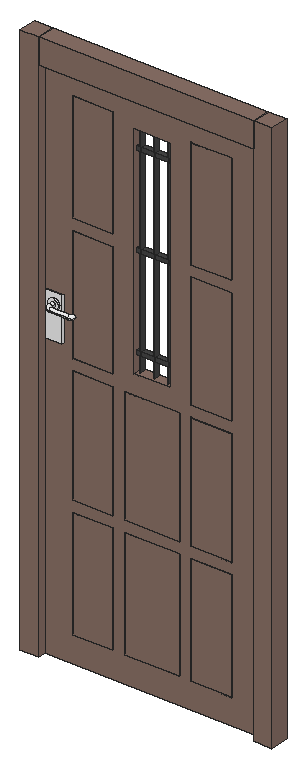
Revit family "DTI_A3-BSQTZMSOHS", category Doors, host Wall, Revit 2016 (continued)
Lines and regions (mm)
  model lines, style "Embossed carving"
    curve 2478: arc (-247.872, 35, 598.119) -> (-250.918, 35, 597.324) -> (-252.426, 35, 594.561) r 3.966
    curve 2479: arc (-252.426, 35, 594.561) -> (-250.105, 35, 592.305) -> (-247.022, 35, 591.314) r 7.098
    curve 2480: arc (-247.022, 35, 591.314) -> (-249.326, 35, 589.531) -> (-251.109, 35, 587.227) r 11.531
    curve 2481: arc (-251.109, 35, 587.227) -> (-244.279, 35, 589.413) -> (-237.449, 35, 587.227) r 11.764
    curve 2482: arc (-237.449, 35, 587.227) -> (-234.928, 35, 590.348) -> (-231.136, 35, 589.038) r 3.491
    curve 2483: arc (-231.136, 35, 589.038) -> (-231.82, 35, 587.733) -> (-231.88, 35, 586.26) r 3.36
    curve 2484: arc (-231.88, 35, 586.26) -> (-229.476, 35, 585.959) -> (-228.013, 35, 584.028) r 3.118
    curve 2485: arc (-228.013, 35, 584.028) -> (-227.651, 35, 585.121) -> (-226.973, 35, 586.053) r 3.748
    curve 2486: arc (-226.973, -5, 1445.867) -> (-226.296, -5, 1446.799) -> (-225.934, -5, 1447.892) r 3.748
    curve 2487: arc (-225.934, -5, 1447.892) -> (-224.471, -5, 1445.961) -> (-222.066, -5, 1445.66) r 3.118
    curve 2488: arc (-222.066, -5, 1445.66) -> (-222.126, -5, 1444.187) -> (-222.81, -5, 1442.883) r 3.36
    curve 2489: arc (-222.81, -5, 1442.883) -> (-219.019, -5, 1441.572) -> (-216.497, -5, 1444.693) r 3.491
    curve 2490: arc (-216.497, -5, 1444.693) -> (-209.668, -5, 1442.507) -> (-202.838, -5, 1444.693) r 11.764
    curve 2491: arc (-202.838, -5, 1444.693) -> (-204.621, -5, 1442.389) -> (-206.924, -5, 1440.606) r 11.531
    curve 2492: arc (-206.924, -5, 1440.606) -> (-203.842, -5, 1439.616) -> (-201.52, -5, 1437.359) r 7.098
    curve 2493: arc (-201.52, -5, 1437.359) -> (-203.028, -5, 1434.596) -> (-206.074, -5, 1433.801) r 3.966
    curve 2494: arc (-206.074, -5, 1433.801) -> (-201.77, -5, 1424.885) -> (-199.336, -5, 1415.288) r 49.267
    curve 2495: arc (-199.336, -5, 1415.288) -> (-201.095, -5, 1405.067) -> (-208.585, -5, 1397.892) r 16.574
    curve 2496: arc (-208.585, -5, 1397.892) -> (-201.095, -5, 1390.718) -> (-199.336, -5, 1380.497) r 16.574
    curve 2497: arc (-199.336, -5, 1380.497) -> (-201.77, -5, 1370.9) -> (-206.074, -5, 1361.984) r 49.267
    curve 2498: arc (-206.074, -5, 1361.984) -> (-203.028, -5, 1361.189) -> (-201.52, -5, 1358.426) r 3.966
    curve 2499: arc (-201.52, -5, 1358.426) -> (-203.842, -5, 1356.169) -> (-206.924, -5, 1355.179) r 7.098
    curve 2500: arc (-206.924, -5, 1355.179) -> (-204.621, -5, 1353.396) -> (-202.838, -5, 1351.092) r 11.531
    curve 2501: arc (-202.838, -5, 1351.092) -> (-209.668, -5, 1353.278) -> (-216.497, -5, 1351.092) r 11.764
    curve 2502: arc (-216.497, -5, 1351.092) -> (-219.019, -5, 1354.213) -> (-222.81, -5, 1352.902) r 3.491
    curve 2503: arc (-222.81, -5, 1352.902) -> (-222.126, -5, 1351.597) -> (-222.066, -5, 1350.125) r 3.36
    curve 2504: arc (-222.066, -5, 1350.125) -> (-224.471, -5, 1349.824) -> (-225.934, -5, 1347.892) r 3.118
    curve 2505: arc (-225.934, -5, 1347.892) -> (-226.296, -5, 1348.986) -> (-226.973, -5, 1349.918) r 3.748
    curve 2506: arc (-226.973, -5, 1445.867) -> (-227.651, -5, 1446.799) -> (-228.013, -5, 1447.892) r 3.748
    curve 2507: arc (-228.013, -5, 1447.892) -> (-229.476, -5, 1445.961) -> (-231.88, -5, 1445.66) r 3.118
    curve 2508: arc (-231.88, -5, 1445.66) -> (-231.82, -5, 1444.187) -> (-231.136, -5, 1442.883) r 3.36
    curve 2509: arc (-231.136, -5, 1442.883) -> (-234.928, -5, 1441.572) -> (-237.449, -5, 1444.693) r 3.491
    curve 2510: arc (-237.449, -5, 1444.693) -> (-244.279, -5, 1442.507) -> (-251.109, -5, 1444.693) r 11.764
    curve 2511: arc (-251.109, -5, 1444.693) -> (-249.326, -5, 1442.389) -> (-247.022, -5, 1440.606) r 11.531
    curve 2512: arc (-247.022, -5, 1440.606) -> (-250.105, -5, 1439.616) -> (-252.426, -5, 1437.359) r 7.098
    curve 2513: arc (-252.426, -5, 1437.359) -> (-250.918, -5, 1434.596) -> (-247.872, -5, 1433.801) r 3.966
    curve 2514: arc (-247.872, -5, 1433.801) -> (-252.176, -5, 1424.885) -> (-254.611, -5, 1415.288) r 49.267
    curve 2515: arc (-254.611, -5, 1415.288) -> (-252.851, -5, 1405.067) -> (-245.361, -5, 1397.892) r 16.574
    curve 2516: arc (-245.361, -5, 1397.892) -> (-252.851, -5, 1390.718) -> (-254.611, -5, 1380.497) r 16.574
    curve 2517: arc (-254.611, -5, 1380.497) -> (-252.176, -5, 1370.9) -> (-247.872, -5, 1361.984) r 49.267
    curve 2518: arc (-247.872, -5, 1361.984) -> (-250.918, -5, 1361.189) -> (-252.426, -5, 1358.426) r 3.966
    curve 2519: arc (-252.426, -5, 1358.426) -> (-250.105, -5, 1356.169) -> (-247.022, -5, 1355.179) r 7.098
    curve 2520: arc (-247.022, -5, 1355.179) -> (-249.326, -5, 1353.396) -> (-251.109, -5, 1351.092) r 11.531
    curve 2521: arc (-251.109, -5, 1351.092) -> (-244.279, -5, 1353.278) -> (-237.449, -5, 1351.092) r 11.764
    curve 2522: arc (-237.449, -5, 1351.092) -> (-234.928, -5, 1354.213) -> (-231.136, -5, 1352.902) r 3.491
    curve 2523: arc (-231.136, -5, 1352.902) -> (-231.82, -5, 1351.597) -> (-231.88, -5, 1350.125) r 3.36
    curve 2524: arc (-231.88, -5, 1350.125) -> (-229.476, -5, 1349.824) -> (-228.013, -5, 1347.892) r 3.118
    curve 2525: arc (-228.013, -5, 1347.892) -> (-227.651, -5, 1348.986) -> (-226.973, -5, 1349.918) r 3.748
    curve 2526: arc (-226.973, 35, 1442.002) -> (-226.296, 35, 1442.934) -> (-225.934, 35, 1444.028) r 3.748
    curve 2527: arc (-225.934, 35, 1444.028) -> (-224.471, 35, 1442.096) -> (-222.066, 35, 1441.795) r 3.118
    curve 2528: arc (-222.066, 35, 1441.795) -> (-222.126, 35, 1440.323) -> (-222.81, 35, 1439.018) r 3.36
    curve 2529: arc (-222.81, 35, 1439.018) -> (-219.019, 35, 1437.707) -> (-216.497, 35, 1440.828) r 3.491
    curve 2530: arc (-216.497, 35, 1440.828) -> (-209.668, 35, 1438.642) -> (-202.838, 35, 1440.828) r 11.764
    curve 2531: arc (-202.838, 35, 1440.828) -> (-204.621, 35, 1438.524) -> (-206.924, 35, 1436.741) r 11.531
    curve 2532: arc (-206.924, 35, 1436.741) -> (-203.842, 35, 1435.751) -> (-201.52, 35, 1433.494) r 7.098
    curve 2533: arc (-201.52, 35, 1433.494) -> (-203.028, 35, 1430.731) -> (-206.074, 35, 1429.936) r 3.966
    curve 2534: arc (-206.074, 35, 1429.936) -> (-201.77, 35, 1421.02) -> (-199.336, 35, 1411.423) r 49.267
    curve 2535: arc (-199.336, 35, 1411.423) -> (-201.095, 35, 1401.202) -> (-208.585, 35, 1394.028) r 16.574
    curve 2536: arc (-208.585, 35, 1394.028) -> (-201.095, 35, 1386.853) -> (-199.336, 35, 1376.632) r 16.574
    curve 2537: arc (-199.336, 35, 1376.632) -> (-201.77, 35, 1367.035) -> (-206.074, 35, 1358.119) r 49.267
    curve 2538: arc (-206.074, 35, 1358.119) -> (-203.028, 35, 1357.324) -> (-201.52, 35, 1354.561) r 3.966
    curve 2539: arc (-201.52, 35, 1354.561) -> (-203.842, 35, 1352.305) -> (-206.924, 35, 1351.314) r 7.098
    curve 2540: arc (-206.924, 35, 1351.314) -> (-204.621, 35, 1349.531) -> (-202.838, 35, 1347.227) r 11.531
    curve 2541: arc (-202.838, 35, 1347.227) -> (-209.668, 35, 1349.413) -> (-216.497, 35, 1347.227) r 11.764
    curve 2542: arc (-216.497, 35, 1347.227) -> (-219.019, 35, 1350.348) -> (-222.81, 35, 1349.038) r 3.491
    curve 2543: arc (-222.81, 35, 1349.038) -> (-222.126, 35, 1347.733) -> (-222.066, 35, 1346.26) r 3.36
    curve 2544: arc (-222.066, 35, 1346.26) -> (-224.471, 35, 1345.959) -> (-225.934, 35, 1344.028) r 3.118
    curve 2545: arc (-225.934, 35, 1344.028) -> (-226.296, 35, 1345.121) -> (-226.973, 35, 1346.053) r 3.748
    curve 2546: arc (-226.973, 35, 1442.002) -> (-227.651, 35, 1442.934) -> (-228.013, 35, 1444.028) r 3.748
    curve 2547: arc (-228.013, 35, 1444.028) -> (-229.476, 35, 1442.096) -> (-231.88, 35, 1441.795) r 3.118
    curve 2548: arc (-231.88, 35, 1441.795) -> (-231.82, 35, 1440.323) -> (-231.136, 35, 1439.018) r 3.36
    curve 2549: arc (-231.136, 35, 1439.018) -> (-234.928, 35, 1437.707) -> (-237.449, 35, 1440.828) r 3.491
    curve 2550: arc (-237.449, 35, 1440.828) -> (-244.279, 35, 1438.642) -> (-251.109, 35, 1440.828) r 11.764
    curve 2551: arc (-251.109, 35, 1440.828) -> (-249.326, 35, 1438.524) -> (-247.022, 35, 1436.741) r 11.531
    curve 2552: arc (-247.022, 35, 1436.741) -> (-250.105, 35, 1435.751) -> (-252.426, 35, 1433.494) r 7.098
    curve 2553: arc (-252.426, 35, 1433.494) -> (-250.918, 35, 1430.731) -> (-247.872, 35, 1429.936) r 3.966
    curve 2554: arc (-247.872, 35, 1429.936) -> (-252.176, 35, 1421.02) -> (-254.611, 35, 1411.423) r 49.267
    curve 2555: arc (-254.611, 35, 1411.423) -> (-252.851, 35, 1401.202) -> (-245.361, 35, 1394.028) r 16.574
    curve 2556: arc (-245.361, 35, 1394.028) -> (-252.851, 35, 1386.853) -> (-254.611, 35, 1376.632) r 16.574
    curve 2557: arc (-254.611, 35, 1376.632) -> (-252.176, 35, 1367.035) -> (-247.872, 35, 1358.119) r 49.267
    curve 2558: arc (-247.872, 35, 1358.119) -> (-250.918, 35, 1357.324) -> (-252.426, 35, 1354.561) r 3.966
    curve 2559: arc (-252.426, 35, 1354.561) -> (-250.105, 35, 1352.305) -> (-247.022, 35, 1351.314) r 7.098
    curve 2560: arc (-247.022, 35, 1351.314) -> (-249.326, 35, 1349.531) -> (-251.109, 35, 1347.227) r 11.531
    curve 2561: arc (-251.109, 35, 1347.227) -> (-244.279, 35, 1349.413) -> (-237.449, 35, 1347.227) r 11.764
    curve 2562: arc (-237.449, 35, 1347.227) -> (-234.928, 35, 1350.348) -> (-231.136, 35, 1349.038) r 3.491
    curve 2563: arc (-231.136, 35, 1349.038) -> (-231.82, 35, 1347.733) -> (-231.88, 35, 1346.26) r 3.36
    curve 2564: arc (-231.88, 35, 1346.26) -> (-229.476, 35, 1345.959) -> (-228.013, 35, 1344.028) r 3.118
    curve 2565: arc (-228.013, 35, 1344.028) -> (-227.651, 35, 1345.121) -> (-226.973, 35, 1346.053) r 3.748
    curve 2566: arc (-226.973, -5, 1305.867) -> (-226.296, -5, 1306.799) -> (-225.934, -5, 1307.892) r 3.748
    curve 2567: arc (-225.934, -5, 1307.892) -> (-224.471, -5, 1305.961) -> (-222.066, -5, 1305.66) r 3.118
    curve 2568: arc (-222.066, -5, 1305.66) -> (-222.126, -5, 1304.187) -> (-222.81, -5, 1302.883) r 3.36
    curve 2569: arc (-222.81, -5, 1302.883) -> (-219.019, -5, 1301.572) -> (-216.497, -5, 1304.693) r 3.491
    curve 2570: arc (-216.497, -5, 1304.693) -> (-209.668, -5, 1302.507) -> (-202.838, -5, 1304.693) r 11.764
    curve 2571: arc (-202.838, -5, 1304.693) -> (-204.621, -5, 1302.389) -> (-206.924, -5, 1300.606) r 11.531
    curve 2572: arc (-206.924, -5, 1300.606) -> (-203.842, -5, 1299.616) -> (-201.52, -5, 1297.359) r 7.098
    curve 2573: arc (-201.52, -5, 1297.359) -> (-203.028, -5, 1294.596) -> (-206.074, -5, 1293.801) r 3.966
    curve 2574: arc (-206.074, -5, 1293.801) -> (-201.77, -5, 1284.885) -> (-199.336, -5, 1275.288) r 49.267
    curve 2575: arc (-199.336, -5, 1275.288) -> (-201.095, -5, 1265.067) -> (-208.585, -5, 1257.892) r 16.574
    curve 2576: arc (-208.585, -5, 1257.892) -> (-201.095, -5, 1250.718) -> (-199.336, -5, 1240.497) r 16.574
    curve 2577: arc (-199.336, -5, 1240.497) -> (-201.77, -5, 1230.9) -> (-206.074, -5, 1221.984) r 49.267
    curve 2578: arc (-206.074, -5, 1221.984) -> (-203.028, -5, 1221.189) -> (-201.52, -5, 1218.426) r 3.966
    curve 2579: arc (-201.52, -5, 1218.426) -> (-203.842, -5, 1216.169) -> (-206.924, -5, 1215.179) r 7.098
    curve 2580: arc (-206.924, -5, 1215.179) -> (-204.621, -5, 1213.396) -> (-202.838, -5, 1211.092) r 11.531
    curve 2581: arc (-202.838, -5, 1211.092) -> (-209.668, -5, 1213.278) -> (-216.497, -5, 1211.092) r 11.764
    curve 2582: arc (-216.497, -5, 1211.092) -> (-219.019, -5, 1214.213) -> (-222.81, -5, 1212.902) r 3.491
    curve 2583: arc (-222.81, -5, 1212.902) -> (-222.126, -5, 1211.597) -> (-222.066, -5, 1210.125) r 3.36
    curve 2584: arc (-222.066, -5, 1210.125) -> (-224.471, -5, 1209.824) -> (-225.934, -5, 1207.892) r 3.118
    curve 2585: arc (-225.934, -5, 1207.892) -> (-226.296, -5, 1208.986) -> (-226.973, -5, 1209.918) r 3.748
    curve 2586: arc (-226.973, -5, 1305.867) -> (-227.651, -5, 1306.799) -> (-228.013, -5, 1307.892) r 3.748
    curve 2587: arc (-228.013, -5, 1307.892) -> (-229.476, -5, 1305.961) -> (-231.88, -5, 1305.66) r 3.118
    curve 2588: arc (-231.88, -5, 1305.66) -> (-231.82, -5, 1304.187) -> (-231.136, -5, 1302.883) r 3.36
    curve 2589: arc (-231.136, -5, 1302.883) -> (-234.928, -5, 1301.572) -> (-237.449, -5, 1304.693) r 3.491
    curve 2590: arc (-237.449, -5, 1304.693) -> (-244.279, -5, 1302.507) -> (-251.109, -5, 1304.693) r 11.764
    curve 2591: arc (-251.109, -5, 1304.693) -> (-249.326, -5, 1302.389) -> (-247.022, -5, 1300.606) r 11.531
    curve 2592: arc (-247.022, -5, 1300.606) -> (-250.105, -5, 1299.616) -> (-252.426, -5, 1297.359) r 7.098
    curve 2593: arc (-252.426, -5, 1297.359) -> (-250.918, -5, 1294.596) -> (-247.872, -5, 1293.801) r 3.966
    curve 2594: arc (-247.872, -5, 1293.801) -> (-252.176, -5, 1284.885) -> (-254.611, -5, 1275.288) r 49.267
    curve 2595: arc (-254.611, -5, 1275.288) -> (-252.851, -5, 1265.067) -> (-245.361, -5, 1257.892) r 16.574
    curve 2596: arc (-245.361, -5, 1257.892) -> (-252.851, -5, 1250.718) -> (-254.611, -5, 1240.497) r 16.574
    curve 2597: arc (-254.611, -5, 1240.497) -> (-252.176, -5, 1230.9) -> (-247.872, -5, 1221.984) r 49.267
    curve 2598: arc (-247.872, -5, 1221.984) -> (-250.918, -5, 1221.189) -> (-252.426, -5, 1218.426) r 3.966
    curve 2599: arc (-252.426, -5, 1218.426) -> (-250.105, -5, 1216.169) -> (-247.022, -5, 1215.179) r 7.098
    curve 2600: arc (-247.022, -5, 1215.179) -> (-249.326, -5, 1213.396) -> (-251.109, -5, 1211.092) r 11.531
    curve 2601: arc (-251.109, -5, 1211.092) -> (-244.279, -5, 1213.278) -> (-237.449, -5, 1211.092) r 11.764
    curve 2602: arc (-237.449, -5, 1211.092) -> (-234.928, -5, 1214.213) -> (-231.136, -5, 1212.902) r 3.491
    curve 2603: arc (-231.136, -5, 1212.902) -> (-231.82, -5, 1211.597) -> (-231.88, -5, 1210.125) r 3.36
    curve 2604: arc (-231.88, -5, 1210.125) -> (-229.476, -5, 1209.824) -> (-228.013, -5, 1207.892) r 3.118
    curve 2605: arc (-228.013, -5, 1207.892) -> (-227.651, -5, 1208.986) -> (-226.973, -5, 1209.918) r 3.748
    curve 2606: arc (-226.973, 35, 1302.002) -> (-226.296, 35, 1302.934) -> (-225.934, 35, 1304.028) r 3.748
    curve 2607: arc (-225.934, 35, 1304.028) -> (-224.471, 35, 1302.096) -> (-222.066, 35, 1301.795) r 3.118
    curve 2608: arc (-222.066, 35, 1301.795) -> (-222.126, 35, 1300.323) -> (-222.81, 35, 1299.018) r 3.36
    curve 2609: arc (-222.81, 35, 1299.018) -> (-219.019, 35, 1297.707) -> (-216.497, 35, 1300.828) r 3.491
    curve 2610: arc (-216.497, 35, 1300.828) -> (-209.668, 35, 1298.642) -> (-202.838, 35, 1300.828) r 11.764
    curve 2611: arc (-202.838, 35, 1300.828) -> (-204.621, 35, 1298.524) -> (-206.924, 35, 1296.741) r 11.531
    curve 2612: arc (-206.924, 35, 1296.741) -> (-203.842, 35, 1295.751) -> (-201.52, 35, 1293.494) r 7.098
    curve 2613: arc (-201.52, 35, 1293.494) -> (-203.028, 35, 1290.731) -> (-206.074, 35, 1289.936) r 3.966
    curve 2614: arc (-206.074, 35, 1289.936) -> (-201.77, 35, 1281.02) -> (-199.336, 35, 1271.423) r 49.267
    curve 2615: arc (-199.336, 35, 1271.423) -> (-201.095, 35, 1261.202) -> (-208.585, 35, 1254.028) r 16.574
    curve 2616: arc (-208.585, 35, 1254.028) -> (-201.095, 35, 1246.853) -> (-199.336, 35, 1236.632) r 16.574
    curve 2617: arc (-199.336, 35, 1236.632) -> (-201.77, 35, 1227.035) -> (-206.074, 35, 1218.119) r 49.267
    curve 2618: arc (-206.074, 35, 1218.119) -> (-203.028, 35, 1217.324) -> (-201.52, 35, 1214.561) r 3.966
    curve 2619: arc (-201.52, 35, 1214.561) -> (-203.842, 35, 1212.305) -> (-206.924, 35, 1211.314) r 7.098
    curve 2620: arc (-206.924, 35, 1211.314) -> (-204.621, 35, 1209.531) -> (-202.838, 35, 1207.227) r 11.531
    curve 2621: arc (-202.838, 35, 1207.227) -> (-209.668, 35, 1209.413) -> (-216.497, 35, 1207.227) r 11.764
    curve 2622: arc (-216.497, 35, 1207.227) -> (-219.019, 35, 1210.348) -> (-222.81, 35, 1209.038) r 3.491
    curve 2623: arc (-222.81, 35, 1209.038) -> (-222.126, 35, 1207.733) -> (-222.066, 35, 1206.26) r 3.36
    curve 2624: arc (-222.066, 35, 1206.26) -> (-224.471, 35, 1205.959) -> (-225.934, 35, 1204.028) r 3.118
    curve 2625: arc (-225.934, 35, 1204.028) -> (-226.296, 35, 1205.121) -> (-226.973, 35, 1206.053) r 3.748
    curve 2626: arc (-226.973, 35, 1302.002) -> (-227.651, 35, 1302.934) -> (-228.013, 35, 1304.028) r 3.748
    curve 2627: arc (-228.013, 35, 1304.028) -> (-229.476, 35, 1302.096) -> (-231.88, 35, 1301.795) r 3.118
    curve 2628: arc (-231.88, 35, 1301.795) -> (-231.82, 35, 1300.323) -> (-231.136, 35, 1299.018) r 3.36
    curve 2629: arc (-231.136, 35, 1299.018) -> (-234.928, 35, 1297.707) -> (-237.449, 35, 1300.828) r 3.491
    curve 2630: arc (-237.449, 35, 1300.828) -> (-244.279, 35, 1298.642) -> (-251.109, 35, 1300.828) r 11.764
    curve 2631: arc (-251.109, 35, 1300.828) -> (-249.326, 35, 1298.524) -> (-247.022, 35, 1296.741) r 11.531
    curve 2632: arc (-247.022, 35, 1296.741) -> (-250.105, 35, 1295.751) -> (-252.426, 35, 1293.494) r 7.098
    curve 2633: arc (-252.426, 35, 1293.494) -> (-250.918, 35, 1290.731) -> (-247.872, 35, 1289.936) r 3.966
    curve 2634: arc (-247.872, 35, 1289.936) -> (-252.176, 35, 1281.02) -> (-254.611, 35, 1271.423) r 49.267
    curve 2635: arc (-254.611, 35, 1271.423) -> (-252.851, 35, 1261.202) -> (-245.361, 35, 1254.028) r 16.574
    curve 2636: arc (-245.361, 35, 1254.028) -> (-252.851, 35, 1246.853) -> (-254.611, 35, 1236.632) r 16.574
    curve 2637: arc (-254.611, 35, 1236.632) -> (-252.176, 35, 1227.035) -> (-247.872, 35, 1218.119) r 49.267
    curve 2638: arc (-247.872, 35, 1218.119) -> (-250.918, 35, 1217.324) -> (-252.426, 35, 1214.561) r 3.966
    curve 2639: arc (-252.426, 35, 1214.561) -> (-250.105, 35, 1212.305) -> (-247.022, 35, 1211.314) r 7.098
    curve 2640: arc (-247.022, 35, 1211.314) -> (-249.326, 35, 1209.531) -> (-251.109, 35, 1207.227) r 11.531
    curve 2641: arc (-251.109, 35, 1207.227) -> (-244.279, 35, 1209.413) -> (-237.449, 35, 1207.227) r 11.764
    curve 2642: arc (-237.449, 35, 1207.227) -> (-234.928, 35, 1210.348) -> (-231.136, 35, 1209.038) r 3.491
    curve 2643: arc (-231.136, 35, 1209.038) -> (-231.82, 35, 1207.733) -> (-231.88, 35, 1206.26) r 3.36
    curve 2644: arc (-231.88, 35, 1206.26) -> (-229.476, 35, 1205.959) -> (-228.013, 35, 1204.028) r 3.118
    curve 2645: arc (-228.013, 35, 1204.028) -> (-227.651, 35, 1205.121) -> (-226.973, 35, 1206.053) r 3.748
    curve 2646: arc (-226.973, -5, 1160.867) -> (-226.296, -5, 1161.799) -> (-225.934, -5, 1162.892) r 3.748
    curve 2647: arc (-225.934, -5, 1162.892) -> (-224.471, -5, 1160.961) -> (-222.066, -5, 1160.66) r 3.118
    curve 2648: arc (-222.066, -5, 1160.66) -> (-222.126, -5, 1159.187) -> (-222.81, -5, 1157.883) r 3.36
    curve 2649: arc (-222.81, -5, 1157.883) -> (-219.019, -5, 1156.572) -> (-216.497, -5, 1159.693) r 3.491
    curve 2650: arc (-216.497, -5, 1159.693) -> (-209.668, -5, 1157.507) -> (-202.838, -5, 1159.693) r 11.764
    curve 2651: arc (-202.838, -5, 1159.693) -> (-204.621, -5, 1157.389) -> (-206.924, -5, 1155.606) r 11.531
    curve 2652: arc (-206.924, -5, 1155.606) -> (-203.842, -5, 1154.616) -> (-201.52, -5, 1152.359) r 7.098
    curve 2653: arc (-201.52, -5, 1152.359) -> (-203.028, -5, 1149.596) -> (-206.074, -5, 1148.801) r 3.966
    curve 2654: arc (-206.074, -5, 1148.801) -> (-201.77, -5, 1139.885) -> (-199.336, -5, 1130.288) r 49.267
    curve 2655: arc (-199.336, -5, 1130.288) -> (-201.095, -5, 1120.067) -> (-208.585, -5, 1112.892) r 16.574
    curve 2656: arc (-208.585, -5, 1112.892) -> (-201.095, -5, 1105.718) -> (-199.336, -5, 1095.497) r 16.574
    curve 2657: arc (-199.336, -5, 1095.497) -> (-201.77, -5, 1085.9) -> (-206.074, -5, 1076.984) r 49.267
    curve 2658: arc (-206.074, -5, 1076.984) -> (-203.028, -5, 1076.189) -> (-201.52, -5, 1073.426) r 3.966
    curve 2659: arc (-201.52, -5, 1073.426) -> (-203.842, -5, 1071.169) -> (-206.924, -5, 1070.179) r 7.098
    curve 2660: arc (-206.924, -5, 1070.179) -> (-204.621, -5, 1068.396) -> (-202.838, -5, 1066.092) r 11.531
    curve 2661: arc (-202.838, -5, 1066.092) -> (-209.668, -5, 1068.278) -> (-216.497, -5, 1066.092) r 11.764
    curve 2662: arc (-216.497, -5, 1066.092) -> (-219.019, -5, 1069.213) -> (-222.81, -5, 1067.902) r 3.491
    curve 2663: arc (-222.81, -5, 1067.902) -> (-222.126, -5, 1066.597) -> (-222.066, -5, 1065.125) r 3.36
    curve 2664: arc (-222.066, -5, 1065.125) -> (-224.471, -5, 1064.824) -> (-225.934, -5, 1062.892) r 3.118
    curve 2665: arc (-225.934, -5, 1062.892) -> (-226.296, -5, 1063.986) -> (-226.973, -5, 1064.918) r 3.748
    curve 2666: arc (-226.973, -5, 1160.867) -> (-227.651, -5, 1161.799) -> (-228.013, -5, 1162.892) r 3.748
    curve 2667: arc (-228.013, -5, 1162.892) -> (-229.476, -5, 1160.961) -> (-231.88, -5, 1160.66) r 3.118
    curve 2668: arc (-231.88, -5, 1160.66) -> (-231.82, -5, 1159.187) -> (-231.136, -5, 1157.883) r 3.36
    curve 2669: arc (-231.136, -5, 1157.883) -> (-234.928, -5, 1156.572) -> (-237.449, -5, 1159.693) r 3.491
    curve 2670: arc (-237.449, -5, 1159.693) -> (-244.279, -5, 1157.507) -> (-251.109, -5, 1159.693) r 11.764
    curve 2671: arc (-251.109, -5, 1159.693) -> (-249.326, -5, 1157.389) -> (-247.022, -5, 1155.606) r 11.531
    curve 2672: arc (-247.022, -5, 1155.606) -> (-250.105, -5, 1154.616) -> (-252.426, -5, 1152.359) r 7.098
    curve 2673: arc (-252.426, -5, 1152.359) -> (-250.918, -5, 1149.596) -> (-247.872, -5, 1148.801) r 3.966
    curve 2674: arc (-247.872, -5, 1148.801) -> (-252.176, -5, 1139.885) -> (-254.611, -5, 1130.288) r 49.267
    curve 2675: arc (-254.611, -5, 1130.288) -> (-252.851, -5, 1120.067) -> (-245.361, -5, 1112.892) r 16.574
    curve 2676: arc (-245.361, -5, 1112.892) -> (-252.851, -5, 1105.718) -> (-254.611, -5, 1095.497) r 16.574
    curve 2677: arc (-254.611, -5, 1095.497) -> (-252.176, -5, 1085.9) -> (-247.872, -5, 1076.984) r 49.267
    curve 2678: arc (-247.872, -5, 1076.984) -> (-250.918, -5, 1076.189) -> (-252.426, -5, 1073.426) r 3.966
    curve 2679: arc (-252.426, -5, 1073.426) -> (-250.105, -5, 1071.169) -> (-247.022, -5, 1070.179) r 7.098
    curve 2680: arc (-247.022, -5, 1070.179) -> (-249.326, -5, 1068.396) -> (-251.109, -5, 1066.092) r 11.531
    curve 2681: arc (-251.109, -5, 1066.092) -> (-244.279, -5, 1068.278) -> (-237.449, -5, 1066.092) r 11.764
    curve 2682: arc (-237.449, -5, 1066.092) -> (-234.928, -5, 1069.213) -> (-231.136, -5, 1067.902) r 3.491
    curve 2683: arc (-231.136, -5, 1067.902) -> (-231.82, -5, 1066.597) -> (-231.88, -5, 1065.125) r 3.36
    curve 2684: arc (-231.88, -5, 1065.125) -> (-229.476, -5, 1064.824) -> (-228.013, -5, 1062.892) r 3.118
    curve 2685: arc (-228.013, -5, 1062.892) -> (-227.651, -5, 1063.986) -> (-226.973, -5, 1064.918) r 3.748
    curve 2686: arc (-226.973, 35, 1157.002) -> (-226.296, 35, 1157.934) -> (-225.934, 35, 1159.028) r 3.748
    curve 2687: arc (-225.934, 35, 1159.028) -> (-224.471, 35, 1157.096) -> (-222.066, 35, 1156.795) r 3.118
    curve 2688: arc (-222.066, 35, 1156.795) -> (-222.126, 35, 1155.323) -> (-222.81, 35, 1154.018) r 3.36
    curve 2689: arc (-222.81, 35, 1154.018) -> (-219.019, 35, 1152.707) -> (-216.497, 35, 1155.828) r 3.491
    curve 2690: arc (-216.497, 35, 1155.828) -> (-209.668, 35, 1153.642) -> (-202.838, 35, 1155.828) r 11.764
    curve 2691: arc (-202.838, 35, 1155.828) -> (-204.621, 35, 1153.524) -> (-206.924, 35, 1151.741) r 11.531
    curve 2692: arc (-206.924, 35, 1151.741) -> (-203.842, 35, 1150.751) -> (-201.52, 35, 1148.494) r 7.098
    curve 2693: arc (-201.52, 35, 1148.494) -> (-203.028, 35, 1145.731) -> (-206.074, 35, 1144.936) r 3.966
    curve 2694: arc (-206.074, 35, 1144.936) -> (-201.77, 35, 1136.02) -> (-199.336, 35, 1126.423) r 49.267
    curve 2695: arc (-199.336, 35, 1126.423) -> (-201.095, 35, 1116.202) -> (-208.585, 35, 1109.028) r 16.574
    curve 2696: arc (-208.585, 35, 1109.028) -> (-201.095, 35, 1101.853) -> (-199.336, 35, 1091.632) r 16.574
    curve 2697: arc (-199.336, 35, 1091.632) -> (-201.77, 35, 1082.035) -> (-206.074, 35, 1073.119) r 49.267
    curve 2698: arc (-206.074, 35, 1073.119) -> (-203.028, 35, 1072.324) -> (-201.52, 35, 1069.561) r 3.966
    curve 2699: arc (-201.52, 35, 1069.561) -> (-203.842, 35, 1067.305) -> (-206.924, 35, 1066.314) r 7.098
    curve 2700: arc (-206.924, 35, 1066.314) -> (-204.621, 35, 1064.531) -> (-202.838, 35, 1062.227) r 11.531
    curve 2701: arc (-202.838, 35, 1062.227) -> (-209.668, 35, 1064.413) -> (-216.497, 35, 1062.227) r 11.764
    curve 2702: arc (-216.497, 35, 1062.227) -> (-219.019, 35, 1065.348) -> (-222.81, 35, 1064.038) r 3.491
    curve 2703: arc (-222.81, 35, 1064.038) -> (-222.126, 35, 1062.733) -> (-222.066, 35, 1061.26) r 3.36
    curve 2704: arc (-222.066, 35, 1061.26) -> (-224.471, 35, 1060.959) -> (-225.934, 35, 1059.028) r 3.118
    curve 2705: arc (-225.934, 35, 1059.028) -> (-226.296, 35, 1060.121) -> (-226.973, 35, 1061.053) r 3.748
    curve 2706: arc (-226.973, 35, 1157.002) -> (-227.651, 35, 1157.934) -> (-228.013, 35, 1159.028) r 3.748
    curve 2707: arc (-228.013, 35, 1159.028) -> (-229.476, 35, 1157.096) -> (-231.88, 35, 1156.795) r 3.118
    curve 2708: arc (-231.88, 35, 1156.795) -> (-231.82, 35, 1155.323) -> (-231.136, 35, 1154.018) r 3.36
    curve 2709: arc (-231.136, 35, 1154.018) -> (-234.928, 35, 1152.707) -> (-237.449, 35, 1155.828) r 3.491
    curve 2710: arc (-237.449, 35, 1155.828) -> (-244.279, 35, 1153.642) -> (-251.109, 35, 1155.828) r 11.764
    curve 2711: arc (-251.109, 35, 1155.828) -> (-249.326, 35, 1153.524) -> (-247.022, 35, 1151.741) r 11.531
    curve 2712: arc (-247.022, 35, 1151.741) -> (-250.105, 35, 1150.751) -> (-252.426, 35, 1148.494) r 7.098
    curve 2713: arc (-252.426, 35, 1148.494) -> (-250.918, 35, 1145.731) -> (-247.872, 35, 1144.936) r 3.966
    curve 2714: arc (-247.872, 35, 1144.936) -> (-252.176, 35, 1136.02) -> (-254.611, 35, 1126.423) r 49.267
    curve 2715: arc (-254.611, 35, 1126.423) -> (-252.851, 35, 1116.202) -> (-245.361, 35, 1109.028) r 16.574
    curve 2716: arc (-245.361, 35, 1109.028) -> (-252.851, 35, 1101.853) -> (-254.611, 35, 1091.632) r 16.574
    curve 2717: arc (-254.611, 35, 1091.632) -> (-252.176, 35, 1082.035) -> (-247.872, 35, 1073.119) r 49.267
    curve 2718: arc (-247.872, 35, 1073.119) -> (-250.918, 35, 1072.324) -> (-252.426, 35, 1069.561) r 3.966
    curve 2719: arc (-252.426, 35, 1069.561) -> (-250.105, 35, 1067.305) -> (-247.022, 35, 1066.314) r 7.098
    curve 2720: arc (-247.022, 35, 1066.314) -> (-249.326, 35, 1064.531) -> (-251.109, 35, 1062.227) r 11.531
    curve 2721: arc (-251.109, 35, 1062.227) -> (-244.279, 35, 1064.413) -> (-237.449, 35, 1062.227) r 11.764
    curve 2722: arc (-237.449, 35, 1062.227) -> (-234.928, 35, 1065.348) -> (-231.136, 35, 1064.038) r 3.491
    curve 2723: arc (-231.136, 35, 1064.038) -> (-231.82, 35, 1062.733) -> (-231.88, 35, 1061.26) r 3.36
    curve 2724: arc (-231.88, 35, 1061.26) -> (-229.476, 35, 1060.959) -> (-228.013, 35, 1059.028) r 3.118
    curve 2725: arc (-228.013, 35, 1059.028) -> (-227.651, 35, 1060.121) -> (-226.973, 35, 1061.053) r 3.748
    curve 2726: arc (-226.973, -5, 1910.867) -> (-226.296, -5, 1911.799) -> (-225.934, -5, 1912.892) r 3.748
    curve 2727: arc (-225.934, -5, 1912.892) -> (-224.471, -5, 1910.961) -> (-222.066, -5, 1910.66) r 3.118
    curve 2728: arc (-222.066, -5, 1910.66) -> (-222.126, -5, 1909.187) -> (-222.81, -5, 1907.883) r 3.36
    curve 2729: arc (-222.81, -5, 1907.883) -> (-219.019, -5, 1906.572) -> (-216.497, -5, 1909.693) r 3.491
    curve 2730: arc (-216.497, -5, 1909.693) -> (-209.668, -5, 1907.507) -> (-202.838, -5, 1909.693) r 11.764
    curve 2731: arc (-202.838, -5, 1909.693) -> (-204.621, -5, 1907.389) -> (-206.924, -5, 1905.606) r 11.531
    curve 2732: arc (-206.924, -5, 1905.606) -> (-203.842, -5, 1904.616) -> (-201.52, -5, 1902.359) r 7.098
    curve 2733: arc (-201.52, -5, 1902.359) -> (-203.028, -5, 1899.596) -> (-206.074, -5, 1898.801) r 3.966
    curve 2734: arc (-206.074, -5, 1898.801) -> (-201.77, -5, 1889.885) -> (-199.336, -5, 1880.288) r 49.267
    curve 2735: arc (-199.336, -5, 1880.288) -> (-201.095, -5, 1870.067) -> (-208.585, -5, 1862.892) r 16.574
    curve 2736: arc (-208.585, -5, 1862.892) -> (-201.095, -5, 1855.718) -> (-199.336, -5, 1845.497) r 16.574
    curve 2737: arc (-199.336, -5, 1845.497) -> (-201.77, -5, 1835.9) -> (-206.074, -5, 1826.984) r 49.267
    curve 2738: arc (-206.074, -5, 1826.984) -> (-203.028, -5, 1826.189) -> (-201.52, -5, 1823.426) r 3.966
    curve 2739: arc (-201.52, -5, 1823.426) -> (-203.842, -5, 1821.169) -> (-206.924, -5, 1820.179) r 7.098
    curve 2740: arc (-206.924, -5, 1820.179) -> (-204.621, -5, 1818.396) -> (-202.838, -5, 1816.092) r 11.531
    curve 2741: arc (-202.838, -5, 1816.092) -> (-209.668, -5, 1818.278) -> (-216.497, -5, 1816.092) r 11.764
    curve 2742: arc (-216.497, -5, 1816.092) -> (-219.019, -5, 1819.213) -> (-222.81, -5, 1817.902) r 3.491
    curve 2743: arc (-222.81, -5, 1817.902) -> (-222.126, -5, 1816.597) -> (-222.066, -5, 1815.125) r 3.36
    curve 2744: arc (-222.066, -5, 1815.125) -> (-224.471, -5, 1814.824) -> (-225.934, -5, 1812.892) r 3.118
    curve 2745: arc (-225.934, -5, 1812.892) -> (-226.296, -5, 1813.986) -> (-226.973, -5, 1814.918) r 3.748
    curve 2746: arc (-226.973, -5, 1910.867) -> (-227.651, -5, 1911.799) -> (-228.013, -5, 1912.892) r 3.748
    curve 2747: arc (-228.013, -5, 1912.892) -> (-229.476, -5, 1910.961) -> (-231.88, -5, 1910.66) r 3.118
    curve 2748: arc (-231.88, -5, 1910.66) -> (-231.82, -5, 1909.187) -> (-231.136, -5, 1907.883) r 3.36
    curve 2749: arc (-231.136, -5, 1907.883) -> (-234.928, -5, 1906.572) -> (-237.449, -5, 1909.693) r 3.491
    curve 2750: arc (-237.449, -5, 1909.693) -> (-244.279, -5, 1907.507) -> (-251.109, -5, 1909.693) r 11.764
    curve 2751: arc (-251.109, -5, 1909.693) -> (-249.326, -5, 1907.389) -> (-247.022, -5, 1905.606) r 11.531
    curve 2752: arc (-247.022, -5, 1905.606) -> (-250.105, -5, 1904.616) -> (-252.426, -5, 1902.359) r 7.098
    curve 2753: arc (-252.426, -5, 1902.359) -> (-250.918, -5, 1899.596) -> (-247.872, -5, 1898.801) r 3.966
    curve 2754: arc (-247.872, -5, 1898.801) -> (-252.176, -5, 1889.885) -> (-254.611, -5, 1880.288) r 49.267
    curve 2755: arc (-254.611, -5, 1880.288) -> (-252.851, -5, 1870.067) -> (-245.361, -5, 1862.892) r 16.574
    curve 2756: arc (-245.361, -5, 1862.892) -> (-252.851, -5, 1855.718) -> (-254.611, -5, 1845.497) r 16.574
    curve 2757: arc (-254.611, -5, 1845.497) -> (-252.176, -5, 1835.9) -> (-247.872, -5, 1826.984) r 49.267
    curve 2758: arc (-247.872, -5, 1826.984) -> (-250.918, -5, 1826.189) -> (-252.426, -5, 1823.426) r 3.966
    curve 2759: arc (-252.426, -5, 1823.426) -> (-250.105, -5, 1821.169) -> (-247.022, -5, 1820.179) r 7.098
    curve 2760: arc (-247.022, -5, 1820.179) -> (-249.326, -5, 1818.396) -> (-251.109, -5, 1816.092) r 11.531
    curve 2761: arc (-251.109, -5, 1816.092) -> (-244.279, -5, 1818.278) -> (-237.449, -5, 1816.092) r 11.764
    curve 2762: arc (-237.449, -5, 1816.092) -> (-234.928, -5, 1819.213) -> (-231.136, -5, 1817.902) r 3.491
    curve 2763: arc (-231.136, -5, 1817.902) -> (-231.82, -5, 1816.597) -> (-231.88, -5, 1815.125) r 3.36
    curve 2764: arc (-231.88, -5, 1815.125) -> (-229.476, -5, 1814.824) -> (-228.013, -5, 1812.892) r 3.118
    curve 2765: arc (-228.013, -5, 1812.892) -> (-227.651, -5, 1813.986) -> (-226.973, -5, 1814.918) r 3.748
    curve 2766: arc (-226.973, 35, 1907.002) -> (-226.296, 35, 1907.934) -> (-225.934, 35, 1909.028) r 3.748
    curve 2767: arc (-225.934, 35, 1909.028) -> (-224.471, 35, 1907.096) -> (-222.066, 35, 1906.795) r 3.118
    curve 2768: arc (-222.066, 35, 1906.795) -> (-222.126, 35, 1905.323) -> (-222.81, 35, 1904.018) r 3.36
    curve 2769: arc (-222.81, 35, 1904.018) -> (-219.019, 35, 1902.707) -> (-216.497, 35, 1905.828) r 3.491
    curve 2770: arc (-216.497, 35, 1905.828) -> (-209.668, 35, 1903.642) -> (-202.838, 35, 1905.828) r 11.764
    curve 2771: arc (-202.838, 35, 1905.828) -> (-204.621, 35, 1903.524) -> (-206.924, 35, 1901.741) r 11.531
    curve 2772: arc (-206.924, 35, 1901.741) -> (-203.842, 35, 1900.751) -> (-201.52, 35, 1898.494) r 7.098
    curve 2773: arc (-201.52, 35, 1898.494) -> (-203.028, 35, 1895.731) -> (-206.074, 35, 1894.936) r 3.966
    curve 2774: arc (-206.074, 35, 1894.936) -> (-201.77, 35, 1886.02) -> (-199.336, 35, 1876.423) r 49.267
    curve 2775: arc (-199.336, 35, 1876.423) -> (-201.095, 35, 1866.202) -> (-208.585, 35, 1859.028) r 16.574
    curve 2776: arc (-208.585, 35, 1859.028) -> (-201.095, 35, 1851.853) -> (-199.336, 35, 1841.632) r 16.574
    curve 2777: arc (-199.336, 35, 1841.632) -> (-201.77, 35, 1832.035) -> (-206.074, 35, 1823.119) r 49.267
    curve 2778: arc (-206.074, 35, 1823.119) -> (-203.028, 35, 1822.324) -> (-201.52, 35, 1819.561) r 3.966
    curve 2779: arc (-201.52, 35, 1819.561) -> (-203.842, 35, 1817.305) -> (-206.924, 35, 1816.314) r 7.098
    curve 2780: arc (-206.924, 35, 1816.314) -> (-204.621, 35, 1814.531) -> (-202.838, 35, 1812.227) r 11.531
    curve 2781: arc (-202.838, 35, 1812.227) -> (-209.668, 35, 1814.413) -> (-216.497, 35, 1812.227) r 11.764
    curve 2782: arc (-216.497, 35, 1812.227) -> (-219.019, 35, 1815.348) -> (-222.81, 35, 1814.038) r 3.491
    curve 2783: arc (-222.81, 35, 1814.038) -> (-222.126, 35, 1812.733) -> (-222.066, 35, 1811.26) r 3.36
    curve 2784: arc (-222.066, 35, 1811.26) -> (-224.471, 35, 1810.959) -> (-225.934, 35, 1809.028) r 3.118
    curve 2785: arc (-225.934, 35, 1809.028) -> (-226.296, 35, 1810.121) -> (-226.973, 35, 1811.053) r 3.748
    curve 2786: arc (-226.973, 35, 1907.002) -> (-227.651, 35, 1907.934) -> (-228.013, 35, 1909.028) r 3.748
    curve 2787: arc (-228.013, 35, 1909.028) -> (-229.476, 35, 1907.096) -> (-231.88, 35, 1906.795) r 3.118
    curve 2788: arc (-231.88, 35, 1906.795) -> (-231.82, 35, 1905.323) -> (-231.136, 35, 1904.018) r 3.36
    curve 2789: arc (-231.136, 35, 1904.018) -> (-234.928, 35, 1902.707) -> (-237.449, 35, 1905.828) r 3.491
    curve 2790: arc (-237.449, 35, 1905.828) -> (-244.279, 35, 1903.642) -> (-251.109, 35, 1905.828) r 11.764
    curve 2791: arc (-251.109, 35, 1905.828) -> (-249.326, 35, 1903.524) -> (-247.022, 35, 1901.741) r 11.531
    curve 2792: arc (-247.022, 35, 1901.741) -> (-250.105, 35, 1900.751) -> (-252.426, 35, 1898.494) r 7.098
    curve 2793: arc (-252.426, 35, 1898.494) -> (-250.918, 35, 1895.731) -> (-247.872, 35, 1894.936) r 3.966
    curve 2794: arc (-247.872, 35, 1894.936) -> (-252.176, 35, 1886.02) -> (-254.611, 35, 1876.423) r 49.267
    curve 2795: arc (-254.611, 35, 1876.423) -> (-252.851, 35, 1866.202) -> (-245.361, 35, 1859.028) r 16.574
    curve 2796: arc (-245.361, 35, 1859.028) -> (-252.851, 35, 1851.853) -> (-254.611, 35, 1841.632) r 16.574
    curve 2797: arc (-254.611, 35, 1841.632) -> (-252.176, 35, 1832.035) -> (-247.872, 35, 1823.119) r 49.267
    curve 2798: arc (-247.872, 35, 1823.119) -> (-250.918, 35, 1822.324) -> (-252.426, 35, 1819.561) r 3.966
    curve 2799: arc (-252.426, 35, 1819.561) -> (-250.105, 35, 1817.305) -> (-247.022, 35, 1816.314) r 7.098
    curve 2800: arc (-247.022, 35, 1816.314) -> (-249.326, 35, 1814.531) -> (-251.109, 35, 1812.227) r 11.531
    curve 2801: arc (-251.109, 35, 1812.227) -> (-244.279, 35, 1814.413) -> (-237.449, 35, 1812.227) r 11.764
    curve 2802: arc (-237.449, 35, 1812.227) -> (-234.928, 35, 1815.348) -> (-231.136, 35, 1814.038) r 3.491
    curve 2803: arc (-231.136, 35, 1814.038) -> (-231.82, 35, 1812.733) -> (-231.88, 35, 1811.26) r 3.36
    curve 2804: arc (-231.88, 35, 1811.26) -> (-229.476, 35, 1810.959) -> (-228.013, 35, 1809.028) r 3.118
    curve 2805: arc (-228.013, 35, 1809.028) -> (-227.651, 35, 1810.121) -> (-226.973, 35, 1811.053) r 3.748
    curve 2806: arc (-226.973, -5, 1770.867) -> (-226.296, -5, 1771.799) -> (-225.934, -5, 1772.892) r 3.748
    curve 2807: arc (-225.934, -5, 1772.892) -> (-224.471, -5, 1770.961) -> (-222.066, -5, 1770.66) r 3.118
    curve 2808: arc (-222.066, -5, 1770.66) -> (-222.126, -5, 1769.187) -> (-222.81, -5, 1767.883) r 3.36
    curve 2809: arc (-222.81, -5, 1767.883) -> (-219.019, -5, 1766.572) -> (-216.497, -5, 1769.693) r 3.491
    curve 2810: arc (-216.497, -5, 1769.693) -> (-209.668, -5, 1767.507) -> (-202.838, -5, 1769.693) r 11.764
    curve 2811: arc (-202.838, -5, 1769.693) -> (-204.621, -5, 1767.389) -> (-206.924, -5, 1765.606) r 11.531
    curve 2812: arc (-206.924, -5, 1765.606) -> (-203.842, -5, 1764.616) -> (-201.52, -5, 1762.359) r 7.098
    curve 2813: arc (-201.52, -5, 1762.359) -> (-203.028, -5, 1759.596) -> (-206.074, -5, 1758.801) r 3.966
    curve 2814: arc (-206.074, -5, 1758.801) -> (-201.77, -5, 1749.885) -> (-199.336, -5, 1740.288) r 49.267
    curve 2815: arc (-199.336, -5, 1740.288) -> (-201.095, -5, 1730.067) -> (-208.585, -5, 1722.892) r 16.574
    curve 2816: arc (-208.585, -5, 1722.892) -> (-201.095, -5, 1715.718) -> (-199.336, -5, 1705.497) r 16.574
    curve 2817: arc (-199.336, -5, 1705.497) -> (-201.77, -5, 1695.9) -> (-206.074, -5, 1686.984) r 49.267
    curve 2818: arc (-206.074, -5, 1686.984) -> (-203.028, -5, 1686.189) -> (-201.52, -5, 1683.426) r 3.966
    curve 2819: arc (-201.52, -5, 1683.426) -> (-203.842, -5, 1681.169) -> (-206.924, -5, 1680.179) r 7.098
    curve 2820: arc (-206.924, -5, 1680.179) -> (-204.621, -5, 1678.396) -> (-202.838, -5, 1676.092) r 11.531
    curve 2821: arc (-202.838, -5, 1676.092) -> (-209.668, -5, 1678.278) -> (-216.497, -5, 1676.092) r 11.764
    curve 2822: arc (-216.497, -5, 1676.092) -> (-219.019, -5, 1679.213) -> (-222.81, -5, 1677.902) r 3.491
    curve 2823: arc (-222.81, -5, 1677.902) -> (-222.126, -5, 1676.597) -> (-222.066, -5, 1675.125) r 3.36
    curve 2824: arc (-222.066, -5, 1675.125) -> (-224.471, -5, 1674.824) -> (-225.934, -5, 1672.892) r 3.118
    curve 2825: arc (-225.934, -5, 1672.892) -> (-226.296, -5, 1673.986) -> (-226.973, -5, 1674.918) r 3.748
    curve 2826: arc (-226.973, -5, 1770.867) -> (-227.651, -5, 1771.799) -> (-228.013, -5, 1772.892) r 3.748
    curve 2827: arc (-228.013, -5, 1772.892) -> (-229.476, -5, 1770.961) -> (-231.88, -5, 1770.66) r 3.118
    curve 2828: arc (-231.88, -5, 1770.66) -> (-231.82, -5, 1769.187) -> (-231.136, -5, 1767.883) r 3.36
    curve 2829: arc (-231.136, -5, 1767.883) -> (-234.928, -5, 1766.572) -> (-237.449, -5, 1769.693) r 3.491
    curve 2830: arc (-237.449, -5, 1769.693) -> (-244.279, -5, 1767.507) -> (-251.109, -5, 1769.693) r 11.764
    curve 2831: arc (-251.109, -5, 1769.693) -> (-249.326, -5, 1767.389) -> (-247.022, -5, 1765.606) r 11.531
    curve 2832: arc (-247.022, -5, 1765.606) -> (-250.105, -5, 1764.616) -> (-252.426, -5, 1762.359) r 7.098
    curve 2833: arc (-252.426, -5, 1762.359) -> (-250.918, -5, 1759.596) -> (-247.872, -5, 1758.801) r 3.966
    curve 2834: arc (-247.872, -5, 1758.801) -> (-252.176, -5, 1749.885) -> (-254.611, -5, 1740.288) r 49.267
    curve 2835: arc (-254.611, -5, 1740.288) -> (-252.851, -5, 1730.067) -> (-245.361, -5, 1722.892) r 16.574
    curve 2836: arc (-245.361, -5, 1722.892) -> (-252.851, -5, 1715.718) -> (-254.611, -5, 1705.497) r 16.574
    curve 2837: arc (-254.611, -5, 1705.497) -> (-252.176, -5, 1695.9) -> (-247.872, -5, 1686.984) r 49.267
    curve 2838: arc (-247.872, -5, 1686.984) -> (-250.918, -5, 1686.189) -> (-252.426, -5, 1683.426) r 3.966
    curve 2839: arc (-252.426, -5, 1683.426) -> (-250.105, -5, 1681.169) -> (-247.022, -5, 1680.179) r 7.098
    curve 2840: arc (-247.022, -5, 1680.179) -> (-249.326, -5, 1678.396) -> (-251.109, -5, 1676.092) r 11.531
    curve 2841: arc (-251.109, -5, 1676.092) -> (-244.279, -5, 1678.278) -> (-237.449, -5, 1676.092) r 11.764
    curve 2842: arc (-237.449, -5, 1676.092) -> (-234.928, -5, 1679.213) -> (-231.136, -5, 1677.902) r 3.491
    curve 2843: arc (-231.136, -5, 1677.902) -> (-231.82, -5, 1676.597) -> (-231.88, -5, 1675.125) r 3.36
    curve 2844: arc (-231.88, -5, 1675.125) -> (-229.476, -5, 1674.824) -> (-228.013, -5, 1672.892) r 3.118
    curve 2845: arc (-228.013, -5, 1672.892) -> (-227.651, -5, 1673.986) -> (-226.973, -5, 1674.918) r 3.748
    curve 2846: arc (-226.973, 35, 1767.002) -> (-226.296, 35, 1767.934) -> (-225.934, 35, 1769.028) r 3.748
    curve 2847: arc (-225.934, 35, 1769.028) -> (-224.471, 35, 1767.096) -> (-222.066, 35, 1766.795) r 3.118
    curve 2848: arc (-222.066, 35, 1766.795) -> (-222.126, 35, 1765.323) -> (-222.81, 35, 1764.018) r 3.36
    curve 2849: arc (-222.81, 35, 1764.018) -> (-219.019, 35, 1762.707) -> (-216.497, 35, 1765.828) r 3.491
    curve 2850: arc (-216.497, 35, 1765.828) -> (-209.668, 35, 1763.642) -> (-202.838, 35, 1765.828) r 11.764
    curve 2851: arc (-202.838, 35, 1765.828) -> (-204.621, 35, 1763.524) -> (-206.924, 35, 1761.741) r 11.531
    curve 2852: arc (-206.924, 35, 1761.741) -> (-203.842, 35, 1760.751) -> (-201.52, 35, 1758.494) r 7.098
    curve 2853: arc (-201.52, 35, 1758.494) -> (-203.028, 35, 1755.731) -> (-206.074, 35, 1754.936) r 3.966
    curve 2854: arc (-206.074, 35, 1754.936) -> (-201.77, 35, 1746.02) -> (-199.336, 35, 1736.423) r 49.267
    curve 2855: arc (-199.336, 35, 1736.423) -> (-201.095, 35, 1726.202) -> (-208.585, 35, 1719.028) r 16.574
    curve 2856: arc (-208.585, 35, 1719.028) -> (-201.095, 35, 1711.853) -> (-199.336, 35, 1701.632) r 16.574
    curve 2857: arc (-199.336, 35, 1701.632) -> (-201.77, 35, 1692.035) -> (-206.074, 35, 1683.119) r 49.267
    curve 2858: arc (-206.074, 35, 1683.119) -> (-203.028, 35, 1682.324) -> (-201.52, 35, 1679.561) r 3.966
    curve 2859: arc (-201.52, 35, 1679.561) -> (-203.842, 35, 1677.305) -> (-206.924, 35, 1676.314) r 7.098
    curve 2860: arc (-206.924, 35, 1676.314) -> (-204.621, 35, 1674.531) -> (-202.838, 35, 1672.227) r 11.531
    curve 2861: arc (-202.838, 35, 1672.227) -> (-209.668, 35, 1674.413) -> (-216.497, 35, 1672.227) r 11.764
    curve 2862: arc (-216.497, 35, 1672.227) -> (-219.019, 35, 1675.348) -> (-222.81, 35, 1674.038) r 3.491
    curve 2863: arc (-222.81, 35, 1674.038) -> (-222.126, 35, 1672.733) -> (-222.066, 35, 1671.26) r 3.36
    curve 2864: arc (-222.066, 35, 1671.26) -> (-224.471, 35, 1670.959) -> (-225.934, 35, 1669.028) r 3.118
    curve 2865: arc (-225.934, 35, 1669.028) -> (-226.296, 35, 1670.121) -> (-226.973, 35, 1671.053) r 3.748
    curve 2866: arc (-226.973, 35, 1767.002) -> (-227.651, 35, 1767.934) -> (-228.013, 35, 1769.028) r 3.748
    curve 2867: arc (-228.013, 35, 1769.028) -> (-229.476, 35, 1767.096) -> (-231.88, 35, 1766.795) r 3.118
    curve 2868: arc (-231.88, 35, 1766.795) -> (-231.82, 35, 1765.323) -> (-231.136, 35, 1764.018) r 3.36
    curve 2869: arc (-231.136, 35, 1764.018) -> (-234.928, 35, 1762.707) -> (-237.449, 35, 1765.828) r 3.491
    curve 2870: arc (-237.449, 35, 1765.828) -> (-244.279, 35, 1763.642) -> (-251.109, 35, 1765.828) r 11.764
    curve 2871: arc (-251.109, 35, 1765.828) -> (-249.326, 35, 1763.524) -> (-247.022, 35, 1761.741) r 11.531
    curve 2872: arc (-247.022, 35, 1761.741) -> (-250.105, 35, 1760.751) -> (-252.426, 35, 1758.494) r 7.098
    curve 2873: arc (-252.426, 35, 1758.494) -> (-250.918, 35, 1755.731) -> (-247.872, 35, 1754.936) r 3.966
    curve 2874: arc (-247.872, 35, 1754.936) -> (-252.176, 35, 1746.02) -> (-254.611, 35, 1736.423) r 49.267
    curve 2875: arc (-254.611, 35, 1736.423) -> (-252.851, 35, 1726.202) -> (-245.361, 35, 1719.028) r 16.574
    curve 2876: arc (-245.361, 35, 1719.028) -> (-252.851, 35, 1711.853) -> (-254.611, 35, 1701.632) r 16.574
    curve 2877: arc (-254.611, 35, 1701.632) -> (-252.176, 35, 1692.035) -> (-247.872, 35, 1683.119) r 49.267
    curve 2878: arc (-247.872, 35, 1683.119) -> (-250.918, 35, 1682.324) -> (-252.426, 35, 1679.561) r 3.966
    curve 2879: arc (-252.426, 35, 1679.561) -> (-250.105, 35, 1677.305) -> (-247.022, 35, 1676.314) r 7.098
    curve 2880: arc (-247.022, 35, 1676.314) -> (-249.326, 35, 1674.531) -> (-251.109, 35, 1672.227) r 11.531
    curve 2881: arc (-251.109, 35, 1672.227) -> (-244.279, 35, 1674.413) -> (-237.449, 35, 1672.227) r 11.764
    curve 2882: arc (-237.449, 35, 1672.227) -> (-234.928, 35, 1675.348) -> (-231.136, 35, 1674.038) r 3.491
    curve 2883: arc (-231.136, 35, 1674.038) -> (-231.82, 35, 1672.733) -> (-231.88, 35, 1671.26) r 3.36
    curve 2884: arc (-231.88, 35, 1671.26) -> (-229.476, 35, 1670.959) -> (-228.013, 35, 1669.028) r 3.118
    curve 2885: arc (-228.013, 35, 1669.028) -> (-227.651, 35, 1670.121) -> (-226.973, 35, 1671.053) r 3.748
    curve 2886: arc (-226.973, -5, 1625.867) -> (-226.296, -5, 1626.799) -> (-225.934, -5, 1627.892) r 3.748
    curve 2887: arc (-225.934, -5, 1627.892) -> (-224.471, -5, 1625.961) -> (-222.066, -5, 1625.66) r 3.118
    curve 2888: arc (-222.066, -5, 1625.66) -> (-222.126, -5, 1624.187) -> (-222.81, -5, 1622.883) r 3.36
    curve 2889: arc (-222.81, -5, 1622.883) -> (-219.019, -5, 1621.572) -> (-216.497, -5, 1624.693) r 3.491
    curve 2890: arc (-216.497, -5, 1624.693) -> (-209.668, -5, 1622.507) -> (-202.838, -5, 1624.693) r 11.764
    curve 2891: arc (-202.838, -5, 1624.693) -> (-204.621, -5, 1622.389) -> (-206.924, -5, 1620.606) r 11.531
    curve 2892: arc (-206.924, -5, 1620.606) -> (-203.842, -5, 1619.616) -> (-201.52, -5, 1617.359) r 7.098
    curve 2893: arc (-201.52, -5, 1617.359) -> (-203.028, -5, 1614.596) -> (-206.074, -5, 1613.801) r 3.966
    curve 2894: arc (-206.074, -5, 1613.801) -> (-201.77, -5, 1604.885) -> (-199.336, -5, 1595.288) r 49.267
    curve 2895: arc (-199.336, -5, 1595.288) -> (-201.095, -5, 1585.067) -> (-208.585, -5, 1577.892) r 16.574
    curve 2896: arc (-208.585, -5, 1577.892) -> (-201.095, -5, 1570.718) -> (-199.336, -5, 1560.497) r 16.574
    curve 2897: arc (-199.336, -5, 1560.497) -> (-201.77, -5, 1550.9) -> (-206.074, -5, 1541.984) r 49.267
    curve 2898: arc (-206.074, -5, 1541.984) -> (-203.028, -5, 1541.189) -> (-201.52, -5, 1538.426) r 3.966
    curve 2899: arc (-201.52, -5, 1538.426) -> (-203.842, -5, 1536.169) -> (-206.924, -5, 1535.179) r 7.098
    curve 2900: arc (-206.924, -5, 1535.179) -> (-204.621, -5, 1533.396) -> (-202.838, -5, 1531.092) r 11.531
    curve 2901: arc (-202.838, -5, 1531.092) -> (-209.668, -5, 1533.278) -> (-216.497, -5, 1531.092) r 11.764
    curve 2902: arc (-216.497, -5, 1531.092) -> (-219.019, -5, 1534.213) -> (-222.81, -5, 1532.902) r 3.491
    curve 2903: arc (-222.81, -5, 1532.902) -> (-222.126, -5, 1531.597) -> (-222.066, -5, 1530.125) r 3.36
    curve 2904: arc (-222.066, -5, 1530.125) -> (-224.471, -5, 1529.824) -> (-225.934, -5, 1527.892) r 3.118
    curve 2905: arc (-225.934, -5, 1527.892) -> (-226.296, -5, 1528.986) -> (-226.973, -5, 1529.918) r 3.748
    curve 2906: arc (-226.973, -5, 1625.867) -> (-227.651, -5, 1626.799) -> (-228.013, -5, 1627.892) r 3.748
    curve 2907: arc (-228.013, -5, 1627.892) -> (-229.476, -5, 1625.961) -> (-231.88, -5, 1625.66) r 3.118
    curve 2908: arc (-231.88, -5, 1625.66) -> (-231.82, -5, 1624.187) -> (-231.136, -5, 1622.883) r 3.36
    curve 2909: arc (-231.136, -5, 1622.883) -> (-234.928, -5, 1621.572) -> (-237.449, -5, 1624.693) r 3.491
    curve 2910: arc (-237.449, -5, 1624.693) -> (-244.279, -5, 1622.507) -> (-251.109, -5, 1624.693) r 11.764
    curve 2911: arc (-251.109, -5, 1624.693) -> (-249.326, -5, 1622.389) -> (-247.022, -5, 1620.606) r 11.531
    curve 2912: arc (-247.022, -5, 1620.606) -> (-250.105, -5, 1619.616) -> (-252.426, -5, 1617.359) r 7.098
    curve 2913: arc (-252.426, -5, 1617.359) -> (-250.918, -5, 1614.596) -> (-247.872, -5, 1613.801) r 3.966
    curve 2914: arc (-247.872, -5, 1613.801) -> (-252.176, -5, 1604.885) -> (-254.611, -5, 1595.288) r 49.267
    curve 2915: arc (-254.611, -5, 1595.288) -> (-252.851, -5, 1585.067) -> (-245.361, -5, 1577.892) r 16.574
    curve 2916: arc (-245.361, -5, 1577.892) -> (-252.851, -5, 1570.718) -> (-254.611, -5, 1560.497) r 16.574
    curve 2917: arc (-254.611, -5, 1560.497) -> (-252.176, -5, 1550.9) -> (-247.872, -5, 1541.984) r 49.267
    curve 2918: arc (-247.872, -5, 1541.984) -> (-250.918, -5, 1541.189) -> (-252.426, -5, 1538.426) r 3.966
    curve 2919: arc (-252.426, -5, 1538.426) -> (-250.105, -5, 1536.169) -> (-247.022, -5, 1535.179) r 7.098
    curve 2920: arc (-247.022, -5, 1535.179) -> (-249.326, -5, 1533.396) -> (-251.109, -5, 1531.092) r 11.531
    curve 2921: arc (-251.109, -5, 1531.092) -> (-244.279, -5, 1533.278) -> (-237.449, -5, 1531.092) r 11.764
    curve 2922: arc (-237.449, -5, 1531.092) -> (-234.928, -5, 1534.213) -> (-231.136, -5, 1532.902) r 3.491
    curve 2923: arc (-231.136, -5, 1532.902) -> (-231.82, -5, 1531.597) -> (-231.88, -5, 1530.125) r 3.36
    curve 2924: arc (-231.88, -5, 1530.125) -> (-229.476, -5, 1529.824) -> (-228.013, -5, 1527.892) r 3.118
    curve 2925: arc (-228.013, -5, 1527.892) -> (-227.651, -5, 1528.986) -> (-226.973, -5, 1529.918) r 3.748
    curve 2926: arc (-226.973, 35, 1622.002) -> (-226.296, 35, 1622.934) -> (-225.934, 35, 1624.028) r 3.748
    curve 2927: arc (-225.934, 35, 1624.028) -> (-224.471, 35, 1622.096) -> (-222.066, 35, 1621.795) r 3.118
    curve 2928: arc (-222.066, 35, 1621.795) -> (-222.126, 35, 1620.323) -> (-222.81, 35, 1619.018) r 3.36
    curve 2929: arc (-222.81, 35, 1619.018) -> (-219.019, 35, 1617.707) -> (-216.497, 35, 1620.828) r 3.491
    curve 2930: arc (-216.497, 35, 1620.828) -> (-209.668, 35, 1618.642) -> (-202.838, 35, 1620.828) r 11.764
    curve 2931: arc (-202.838, 35, 1620.828) -> (-204.621, 35, 1618.524) -> (-206.924, 35, 1616.741) r 11.531
    curve 2932: arc (-206.924, 35, 1616.741) -> (-203.842, 35, 1615.751) -> (-201.52, 35, 1613.494) r 7.098
    curve 2933: arc (-201.52, 35, 1613.494) -> (-203.028, 35, 1610.731) -> (-206.074, 35, 1609.936) r 3.966
    curve 2934: arc (-206.074, 35, 1609.936) -> (-201.77, 35, 1601.02) -> (-199.336, 35, 1591.423) r 49.267
    curve 2935: arc (-199.336, 35, 1591.423) -> (-201.095, 35, 1581.202) -> (-208.585, 35, 1574.028) r 16.574
    curve 2936: arc (-208.585, 35, 1574.028) -> (-201.095, 35, 1566.853) -> (-199.336, 35, 1556.632) r 16.574
    curve 2937: arc (-199.336, 35, 1556.632) -> (-201.77, 35, 1547.035) -> (-206.074, 35, 1538.119) r 49.267
    curve 2938: arc (-206.074, 35, 1538.119) -> (-203.028, 35, 1537.324) -> (-201.52, 35, 1534.561) r 3.966
    curve 2939: arc (-201.52, 35, 1534.561) -> (-203.842, 35, 1532.305) -> (-206.924, 35, 1531.314) r 7.098
    curve 2940: arc (-206.924, 35, 1531.314) -> (-204.621, 35, 1529.531) -> (-202.838, 35, 1527.227) r 11.531
    curve 2941: arc (-202.838, 35, 1527.227) -> (-209.668, 35, 1529.413) -> (-216.497, 35, 1527.227) r 11.764
    curve 2942: arc (-216.497, 35, 1527.227) -> (-219.019, 35, 1530.348) -> (-222.81, 35, 1529.038) r 3.491
    curve 2943: arc (-222.81, 35, 1529.038) -> (-222.126, 35, 1527.733) -> (-222.066, 35, 1526.26) r 3.36
    curve 2944: arc (-222.066, 35, 1526.26) -> (-224.471, 35, 1525.959) -> (-225.934, 35, 1524.028) r 3.118
    curve 2945: arc (-225.934, 35, 1524.028) -> (-226.296, 35, 1525.121) -> (-226.973, 35, 1526.053) r 3.748
    curve 2946: arc (-226.973, 35, 1622.002) -> (-227.651, 35, 1622.934) -> (-228.013, 35, 1624.028) r 3.748
    curve 2947: arc (-228.013, 35, 1624.028) -> (-229.476, 35, 1622.096) -> (-231.88, 35, 1621.795) r 3.118
    curve 2948: arc (-231.88, 35, 1621.795) -> (-231.82, 35, 1620.323) -> (-231.136, 35, 1619.018) r 3.36
    curve 2949: arc (-231.136, 35, 1619.018) -> (-234.928, 35, 1617.707) -> (-237.449, 35, 1620.828) r 3.491
    curve 2950: arc (-237.449, 35, 1620.828) -> (-244.279, 35, 1618.642) -> (-251.109, 35, 1620.828) r 11.764
    curve 2951: arc (-251.109, 35, 1620.828) -> (-249.326, 35, 1618.524) -> (-247.022, 35, 1616.741) r 11.531
    curve 2952: arc (-247.022, 35, 1616.741) -> (-250.105, 35, 1615.751) -> (-252.426, 35, 1613.494) r 7.098
    curve 2953: arc (-252.426, 35, 1613.494) -> (-250.918, 35, 1610.731) -> (-247.872, 35, 1609.936) r 3.966
    curve 2954: arc (-247.872, 35, 1609.936) -> (-252.176, 35, 1601.02) -> (-254.611, 35, 1591.423) r 49.267
    curve 2955: arc (-254.611, 35, 1591.423) -> (-252.851, 35, 1581.202) -> (-245.361, 35, 1574.028) r 16.574
    curve 2956: arc (-245.361, 35, 1574.028) -> (-252.851, 35, 1566.853) -> (-254.611, 35, 1556.632) r 16.574
    curve 2957: arc (-254.611, 35, 1556.632) -> (-252.176, 35, 1547.035) -> (-247.872, 35, 1538.119) r 49.267
    curve 2958: arc (-247.872, 35, 1538.119) -> (-250.918, 35, 1537.324) -> (-252.426, 35, 1534.561) r 3.966
    curve 2959: arc (-252.426, 35, 1534.561) -> (-250.105, 35, 1532.305) -> (-247.022, 35, 1531.314) r 7.098
    curve 2960: arc (-247.022, 35, 1531.314) -> (-249.326, 35, 1529.531) -> (-251.109, 35, 1527.227) r 11.531
    curve 2961: arc (-251.109, 35, 1527.227) -> (-244.279, 35, 1529.413) -> (-237.449, 35, 1527.227) r 11.764
    curve 2962: arc (-237.449, 35, 1527.227) -> (-234.928, 35, 1530.348) -> (-231.136, 35, 1529.038) r 3.491
    curve 2963: arc (-231.136, 35, 1529.038) -> (-231.82, 35, 1527.733) -> (-231.88, 35, 1526.26) r 3.36
